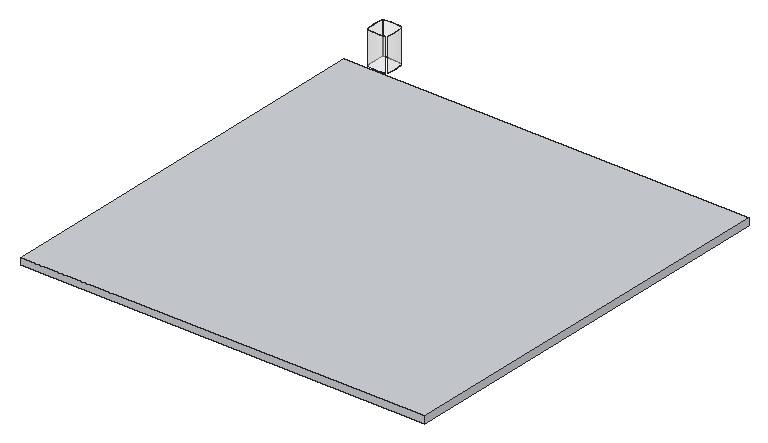
Revit family "SH-1703", category Lighting Fixtures, host Face, Revit 2017
Family settings
  Host = Face
  Round Connector Dimension = Use Diameter
  Part Type = Normal
  Cut with Voids When Loaded = No
  Light Source = Yes
  Shared = No
  Room Calculation Point = No
Parameters (values of type "SH-1703(Black color-3000K-E27)")
  website = "www.shoaco.com"
  instalation = ""
  consumption current = 0.06 A
  color temperature = "3000K"
  color rendering index(CRI) = ""
  Width = 18.4277 cm
  Wattage. = 9 W
  Wattage Comments = ""
  Wattage = 9 W
  Voltage/Frequency = "230v/50hz"
  built-in parameter 1150110 = 1 (stored number, unit not read)
  URL = "https://www.shoaco.com/fa/product/%DA%86%D8%B1%D8%A7%D8%BA-%D9%87%D8%A7%DB%8C-%D8%AD%DB%8C%D8%A7%D8%B7%DB%8C/1121-%DA%86%D8%B1%D8%A7%D8%BA-%D8%AD%DB%8C%D8%A7%D8%B7%DB%8C-%D8%B3%D8%B1%D9%84%D9%88%D9%84%D9%87-%D9%85%D8%AF%D9%84-SH-1703.html"
  Type medule = ""
  built-in parameter 1114217 = 1 (stored number, unit not read)
  Tilt Angle = 90.00°
  built-in parameter 1150109 = 1 (stored number, unit not read)
  built-in parameter 1150134 = (empty or 0)
  built-in parameter 1150113 = 1 (stored number, unit not read)
  Protection Class = "Class I"
  Photometric Web File = "4376_V-TAC7WLEDBulbE27A60Thermoplastic3000K_1-5117.ies"
  Number of Lamps = "1"
  Model = "SH-1703"
  Manufacturer = "SHOA"
  built-in parameter 1150105 = 50.134 (stored number, unit not read)
  Lumens = 630 lm
  built-in parameter 1150115 = 1 (stored number, unit not read)
  built-in parameter 1150137 = (empty or 0)
  built-in parameter 1150139 = (empty or 0)
  Length = 18.4323 cm
  built-in parameter 1150112 = 1 (stored number, unit not read)
  built-in parameter 1150114 = 1 (stored number, unit not read)
  Lamp = "E27"
  built-in parameter 1150132 = (empty or 0)
  built-in parameter 1150102 = (empty or 0)
  built-in parameter 1150107 = 3000 (stored number, unit not read)
  built-in parameter 1150138 = (empty or 0)
  built-in parameter 1150106 = 0.50134 (stored number, unit not read)
  IP = "IP44"
  Height = 31.016 cm
  Flicker = ""
  Emit from Circle Diameter = 60.96 cm
  Emit Shape Visible in Rendering = no
  built-in parameter 1150104 = 6.5032 (stored number, unit not read)
  Dimming Lamp Color Temperature Shift = <None>
  Diffuser Material = "Acrylic"
  Diffuser [instance] = Diffuser
  Default Elevation = 121.92 cm
  Color Filter = 16777215
  Body color = Black Body
  Body Material = "Aluminum"
  built-in parameter 1114218 = 1 (stored number, unit not read)
  built-in parameter 1150133 = 10 (stored number, unit not read)
Reference planes (cm)
  plane 1 "Center (Front/Back)": y = 0
  plane 2: z = 0.918
  plane 3 "Center (Left/Right)": x = 0
  plane 4: x = -9.0351
  plane 5: x = 9.3926
  plane 6: y = 9.1807
  plane 7: y = -9.2516
Forms (cm)
  Extrusion 1, solid
    sketch origin (0, 0, 0.918) x (1, 0, 0) y (0, 1, 0)
      loop
        line (-121.92, 121.92) -> (-121.92, -121.92) -> (121.92, -121.92) -> (121.92, 121.92) -> (-121.92, 121.92)
    from 0 to -4.1998
  Extrusion 2, solid, material "Diffuser" <- "Diffuser"
    sketch origin (0.5261, 0, 93.9371) x (1, 0, 0) y (0, 1, 0)
      loop
        line (-5.6606, 6.0308) -> (-5.6453, 5.932)
        spline (-5.6453, 5.932) -> (-3.931, 6.1719) -> (-2.7457, 6.2926) -> (-1.8654, 6.3474) -> (-1.0895, 6.383) -> (-0.3579, 6.4083) -> (0.3416, 6.4186) -> (1.027, 6.4087) -> (1.7525, 6.3722) -> (2.588, 6.3015) -> (3.5906, 6.1904) -> (4.6457, 6.0531) -> (5.4298, 5.9291)
        line (5.4298, 5.9291) -> (5.4487, 6.0273)
        spline (5.4487, 6.0273) -> (4.6594, 6.1522) -> (3.6035, 6.2895) -> (2.5969, 6.4011) -> (1.7595, 6.472) -> (1.0302, 6.5087) -> (0.3414, 6.5186) -> (-0.3606, 6.5083) -> (-1.0936, 6.4829) -> (-1.8703, 6.4473) -> (-2.7537, 6.3923) -> (-3.9431, 6.2711) -> (-5.6606, 6.0308)
      loop
        line (5.8688, 5.555) -> (5.7699, 5.5402)
        spline (5.7699, 5.5402) -> (5.9865, 3.9747) -> (6.1162, 2.8019) -> (6.184, 1.908) -> (6.2151, 1.1773) -> (6.2305, 0.5082) -> (6.2344, -0.1475) -> (6.2241, -0.8189) -> (6.1985, -1.536) -> (6.1525, -2.3307) -> (6.0757, -3.2374) -> (5.9532, -4.2941) -> (5.7701, -5.5391)
        line (5.7701, -5.5391) -> (5.8688, -5.555)
        spline (5.8688, -5.555) -> (6.0524, -4.3071) -> (6.1753, -3.2472) -> (6.2523, -2.3377) -> (6.298, -1.541) -> (6.3243, -0.8214) -> (6.3344, -0.1479) -> (6.3306, 0.5094) -> (6.3149, 1.1807) -> (6.2838, 1.9137) -> (6.2157, 2.8112) -> (6.0857, 3.9871) -> (5.8688, 5.555)
      loop
        line (4.9901, -6.1155) -> (4.9745, -6.0167)
        spline (4.9745, -6.0167) -> (3.9504, -6.1684) -> (3.1307, -6.268) -> (2.4556, -6.3272) -> (1.8646, -6.3572) -> (1.2968, -6.3699) -> (0.6936, -6.3756) -> (0.0144, -6.3732) -> (-0.7733, -6.3541) -> (-1.7013, -6.3085) -> (-2.8015, -6.2271) -> (-4.1058, -6.1007) -> (-5.6458, -5.9199)
        line (-5.6458, -5.9199) -> (-5.6583, -6.0191)
        spline (-5.6583, -6.0191) -> (-4.1164, -6.2001) -> (-2.81, -6.3267) -> (-1.7074, -6.4082) -> (-0.7769, -6.454) -> (0.013, -6.4733) -> (0.6941, -6.4756) -> (1.2981, -6.4699) -> (1.868, -6.4572) -> (2.4625, -6.4269) -> (3.1411, -6.3675) -> (3.9638, -6.2675) -> (4.9901, -6.1155)
      loop
        spline (-6.08, 5.555) -> (-6.2602, 4.1827) -> (-6.3911, 3.0498) -> (-6.4799, 2.1055) -> (-6.5338, 1.2993) -> (-6.5599, 0.5802) -> (-6.5653, -0.1023) -> (-6.5561, -0.7974) -> (-6.5289, -1.54) -> (-6.4761, -2.3587) -> (-6.3902, -3.282) -> (-6.2633, -4.3384) -> (-6.0878, -5.5565)
        line (-6.0878, -5.5565) -> (-5.989, -5.5412)
        spline (-5.989, -5.5412) -> (-6.1641, -4.3253) -> (-6.2907, -3.2714) -> (-6.3764, -2.3508) -> (-6.429, -1.535) -> (-6.4564, -0.7952) -> (-6.4653, -0.102) -> (-6.4597, 0.5783) -> (-6.434, 1.2941) -> (-6.3803, 2.0975) -> (-6.2917, 3.0393) -> (-6.1609, 4.1704) -> (-5.9809, 5.5414)
        line (-5.9809, 5.5414) -> (-6.08, 5.555)
    from 0 to 20.1
  Extrusion 3, solid, material "Diffuser" <- "Diffuser", not visible
    sketch origin (0, 0, 325.4508) x (1, 0, 0) y (0, 1, 0)
      loop
        line (-5.6606, 6.0308) -> (-5.6453, 5.932)
        spline (-5.6453, 5.932) -> (-3.931, 6.1719) -> (-2.7457, 6.2926) -> (-1.8654, 6.3474) -> (-1.0895, 6.383) -> (-0.3579, 6.4083) -> (0.3416, 6.4186) -> (1.027, 6.4087) -> (1.7525, 6.3722) -> (2.588, 6.3015) -> (3.5906, 6.1904) -> (4.6457, 6.0531) -> (5.4298, 5.9291)
        line (5.4298, 5.9291) -> (5.4487, 6.0273)
        spline (5.4487, 6.0273) -> (4.6594, 6.1522) -> (3.6035, 6.2895) -> (2.5969, 6.4011) -> (1.7595, 6.472) -> (1.0302, 6.5087) -> (0.3414, 6.5186) -> (-0.3606, 6.5083) -> (-1.0936, 6.4829) -> (-1.8703, 6.4473) -> (-2.7537, 6.3923) -> (-3.9431, 6.2711) -> (-5.6606, 6.0308)
      loop
        line (5.8688, 5.555) -> (5.7699, 5.5402)
        spline (5.7699, 5.5402) -> (5.9865, 3.9747) -> (6.1162, 2.8019) -> (6.184, 1.908) -> (6.2151, 1.1773) -> (6.2305, 0.5082) -> (6.2344, -0.1475) -> (6.2241, -0.8189) -> (6.1985, -1.536) -> (6.1525, -2.3307) -> (6.0757, -3.2374) -> (5.9532, -4.2941) -> (5.7701, -5.5391)
        line (5.7701, -5.5391) -> (5.8688, -5.555)
        spline (5.8688, -5.555) -> (6.0524, -4.3071) -> (6.1753, -3.2472) -> (6.2523, -2.3377) -> (6.298, -1.541) -> (6.3243, -0.8214) -> (6.3344, -0.1479) -> (6.3306, 0.5094) -> (6.3149, 1.1807) -> (6.2838, 1.9137) -> (6.2157, 2.8112) -> (6.0857, 3.9871) -> (5.8688, 5.555)
      loop
        line (4.9901, -6.1155) -> (4.9745, -6.0167)
        spline (4.9745, -6.0167) -> (3.9504, -6.1684) -> (3.1307, -6.268) -> (2.4556, -6.3272) -> (1.8646, -6.3572) -> (1.2968, -6.3699) -> (0.6936, -6.3756) -> (0.0144, -6.3732) -> (-0.7733, -6.3541) -> (-1.7013, -6.3085) -> (-2.8015, -6.2271) -> (-4.1058, -6.1007) -> (-5.6458, -5.9199)
        line (-5.6458, -5.9199) -> (-5.6583, -6.0191)
        spline (-5.6583, -6.0191) -> (-4.1164, -6.2001) -> (-2.81, -6.3267) -> (-1.7074, -6.4082) -> (-0.7769, -6.454) -> (0.013, -6.4733) -> (0.6941, -6.4756) -> (1.2981, -6.4699) -> (1.868, -6.4572) -> (2.4625, -6.4269) -> (3.1411, -6.3675) -> (3.9638, -6.2675) -> (4.9901, -6.1155)
      loop
        spline (-6.08, 5.555) -> (-6.2602, 4.1827) -> (-6.3911, 3.0498) -> (-6.4799, 2.1055) -> (-6.5338, 1.2993) -> (-6.5599, 0.5802) -> (-6.5653, -0.1023) -> (-6.5561, -0.7974) -> (-6.5289, -1.54) -> (-6.4761, -2.3587) -> (-6.3902, -3.282) -> (-6.2633, -4.3384) -> (-6.0878, -5.5565)
        line (-6.0878, -5.5565) -> (-5.989, -5.5412)
        spline (-5.989, -5.5412) -> (-6.1641, -4.3253) -> (-6.2907, -3.2714) -> (-6.3764, -2.3508) -> (-6.429, -1.535) -> (-6.4564, -0.7952) -> (-6.4653, -0.102) -> (-6.4597, 0.5783) -> (-6.434, 1.2941) -> (-6.3803, 2.0975) -> (-6.2917, 3.0393) -> (-6.1609, 4.1704) -> (-5.9809, 5.5414)
        line (-5.9809, 5.5414) -> (-6.08, 5.555)
    from 0 to 20.1
  Extrusion 4, solid, material "Diffuser" <- "Diffuser", not visible
    sketch origin (0.5261, 0, 93.9371) x (1, 0, 0) y (0, 1, 0)
      loop
        line (-5.6606, 6.0308) -> (-5.6453, 5.932)
        spline (-5.6453, 5.932) -> (-3.931, 6.1719) -> (-2.7457, 6.2926) -> (-1.8654, 6.3474) -> (-1.0895, 6.383) -> (-0.3579, 6.4083) -> (0.3416, 6.4186) -> (1.027, 6.4087) -> (1.7525, 6.3722) -> (2.588, 6.3015) -> (3.5906, 6.1904) -> (4.6457, 6.0531) -> (5.4298, 5.9291)
        line (5.4298, 5.9291) -> (5.4487, 6.0273)
        spline (5.4487, 6.0273) -> (4.6594, 6.1522) -> (3.6035, 6.2895) -> (2.5969, 6.4011) -> (1.7595, 6.472) -> (1.0302, 6.5087) -> (0.3414, 6.5186) -> (-0.3606, 6.5083) -> (-1.0936, 6.4829) -> (-1.8703, 6.4473) -> (-2.7537, 6.3923) -> (-3.9431, 6.2711) -> (-5.6606, 6.0308)
      loop
        line (5.8688, 5.555) -> (5.7699, 5.5402)
        spline (5.7699, 5.5402) -> (5.9865, 3.9747) -> (6.1162, 2.8019) -> (6.184, 1.908) -> (6.2151, 1.1773) -> (6.2305, 0.5082) -> (6.2344, -0.1475) -> (6.2241, -0.8189) -> (6.1985, -1.536) -> (6.1525, -2.3307) -> (6.0757, -3.2374) -> (5.9532, -4.2941) -> (5.7701, -5.5391)
        line (5.7701, -5.5391) -> (5.8688, -5.555)
        spline (5.8688, -5.555) -> (6.0524, -4.3071) -> (6.1753, -3.2472) -> (6.2523, -2.3377) -> (6.298, -1.541) -> (6.3243, -0.8214) -> (6.3344, -0.1479) -> (6.3306, 0.5094) -> (6.3149, 1.1807) -> (6.2838, 1.9137) -> (6.2157, 2.8112) -> (6.0857, 3.9871) -> (5.8688, 5.555)
      loop
        line (4.9901, -6.1155) -> (4.9745, -6.0167)
        spline (4.9745, -6.0167) -> (3.9504, -6.1684) -> (3.1307, -6.268) -> (2.4556, -6.3272) -> (1.8646, -6.3572) -> (1.2968, -6.3699) -> (0.6936, -6.3756) -> (0.0144, -6.3732) -> (-0.7733, -6.3541) -> (-1.7013, -6.3085) -> (-2.8015, -6.2271) -> (-4.1058, -6.1007) -> (-5.6458, -5.9199)
        line (-5.6458, -5.9199) -> (-5.6583, -6.0191)
        spline (-5.6583, -6.0191) -> (-4.1164, -6.2001) -> (-2.81, -6.3267) -> (-1.7074, -6.4082) -> (-0.7769, -6.454) -> (0.013, -6.4733) -> (0.6941, -6.4756) -> (1.2981, -6.4699) -> (1.868, -6.4572) -> (2.4625, -6.4269) -> (3.1411, -6.3675) -> (3.9638, -6.2675) -> (4.9901, -6.1155)
      loop
        spline (-6.08, 5.555) -> (-6.2602, 4.1827) -> (-6.3911, 3.0498) -> (-6.4799, 2.1055) -> (-6.5338, 1.2993) -> (-6.5599, 0.5802) -> (-6.5653, -0.1023) -> (-6.5561, -0.7974) -> (-6.5289, -1.54) -> (-6.4761, -2.3587) -> (-6.3902, -3.282) -> (-6.2633, -4.3384) -> (-6.0878, -5.5565)
        line (-6.0878, -5.5565) -> (-5.989, -5.5412)
        spline (-5.989, -5.5412) -> (-6.1641, -4.3253) -> (-6.2907, -3.2714) -> (-6.3764, -2.3508) -> (-6.429, -1.535) -> (-6.4564, -0.7952) -> (-6.4653, -0.102) -> (-6.4597, 0.5783) -> (-6.434, 1.2941) -> (-6.3803, 2.0975) -> (-6.2917, 3.0393) -> (-6.1609, 4.1704) -> (-5.9809, 5.5414)
        line (-5.9809, 5.5414) -> (-6.08, 5.555)
    from 0 to 20.1
Dimensions and locks (cm)
  "Height": free form element to free form element
  "Width": plane 4 to plane 5
  "Length": plane 6 to plane 7
  aligned and locked: plane 2 to Extrusion 1
  aligned and locked: level to Extrusion 1
  aligned and locked: imposter light to free form element
  aligned and locked: free form element to Extrusion 2  (x2)
Automatic sketch dimensions
  Extrusion 1 sketch curve to Extrusion 1 sketch curve = 243.84 cm  (x2)
Connectors (cm)
  electrical at (0.4205, 0, 86.5671)
    settings: on free form element, index 1, voltage 230 V, apparent load 0 VA, apparent load phase1 0 VA, apparent load phase2 0 VA, apparent load phase3 0 VA, power factor 1, load classification "Other", number of poles 1, system type 31, power factor state 1, is connector primary yes, connector utility no, sub classification motor no, connector description ""
